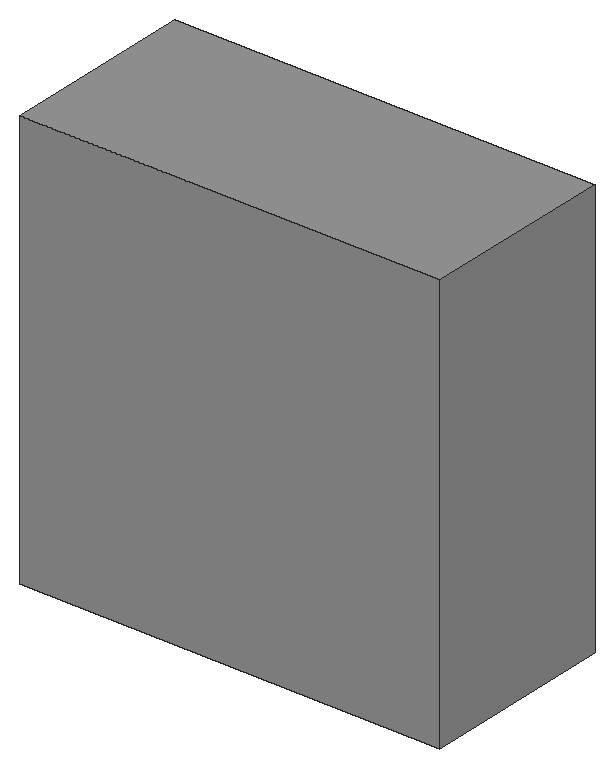
Revit family "BM_Bedienelemente_V1700", category Brandmelder, Revit 2017
Family settings
  Beschriftungsausrichtung beibehalten = Nein
  Bemaßung runder Anschluss = Durchmesser verwenden
  Teiletyp = Normal
  OmniClass-Nummer = 23.80.00.00
  OmniClass-Titel = Electric Power and Lighting
  Arbeitsebenenbasiert = Nein
  Immer vertikal = Ja
  Beim Laden mit Abzugskörper schneiden = Ja
  Gemeinsam genutzt = Nein
  Raumberechnungspunkt = Nein
Parameters (values of type "Uebertragungseinrichtung")
  Übertragungseinrichtung = yes
  pbr_Material_KZ = ""
  pbr_Material = none
  pbr_E_Typ = ""
  pbr_E_KZ = ""
  pbr_DINBild = 0
  pbr_Bild = 0
  pbr_3Dx_Delta_Korrekturversatz [instance] = 0 mm
  pbr_3DX_Versatzfaktor [instance] = 0
  pbr_2DY_Versatzfaktor [instance] = 0
  pbr_2DX_Versatzfaktor [instance] = 0
  lfd_STRK [instance] = 0
  Zentrale [instance] = ""
  Winkel [instance] = 90.00°
  Typ [instance] = ""
  Tiefe = 37 mm
  Text3 [instance] = ""
  Text2 [instance] = ""
  Text1 [instance] = ""
  Spannung [instance] = 0
  Scheinleistung [instance] = 0 VA
  Polig [instance] = 1
  Planungsbüro Osnabrück = "www.pbr.de"
  Paralleltableau = no
  Netzart = ""
  Nennstrom [instance] = 0
  Menge (Dosenzahl) [instance] = 1
  Länge = Breite  # 80 mm
  Loop [instance] = ""
  Linie/Anschluss [instance] = ""
  Leistungsfaktor [instance] = 0
  Lastklassifizierung = none
  Lageplantableau = no
  Installationsart = ""
  Info [instance] = ""
  Gewerk [instance] = "Brandmelder"
  Freischaltelement = no
  Feuerwehrschlüsseldepot = no
  Feuerwehrlaufkarten = no
  Feuerwehrinformationszentrale = no
  Feuerwehrbedienfeld = no
  Feuerwehranzeigetableau = no
  Feuerwehr-Einsatzklapptisch = no
  Feuerlöschanlage = no
  Eckversatz [instance] = 0 mm
  YFrontversatz [instance] = if(pbr_2DY_Versatzfaktor = 300, 0 mm, pbr_2DY_Versatzfaktor * 300 mm)  # 0 mm
  XSeitenversatz [instance] = if(pbr_2DX_Versatzfaktor = 0, 3000 mm, 3000 mm + (pbr_2DX_Versatzfaktor * 300 mm)) + Eckversatz  # 3000 mm
  X3Dversatz [instance] = if([3DX_Versatzkontrolle] = 0, 2000 mm, 2000 mm + ([3DX_Versatzkontrolle] * (300 mm - Breite))) + pbr_3Dx_Delta_Korrekturversatz  # 2000 mm
  Niveau [instance] = 1200 mm
  Bus [instance] = ""
  Breite = 80 mm
  Betriebsstrom ruhe [instance] = 0
  Betriebsstrom max [instance] = 0
  Anzeigetableau = no
  Abgesetztes Bedienfeld = no
  3DX_Versatzkontrolle [instance] = if(pbr_3DX_Versatzfaktor = 0, (pbr_2DX_Versatzfaktor * -1), (((-1 * pbr_3DX_Versatzfaktor) + pbr_2DX_Versatzfaktor) * -1))  # 0
Types (13, lengths in mm): name | Übertragungseinrichtung | Paralleltableau | Lageplantableau | Freischaltelement | Feuerwehrschlüsseldepot | Feuerwehrlaufkarten | Feuerwehrinformationszentrale | Feuerwehrbedienfeld | Feuerwehranzeigetableau | Feuerwehr-Einsatzklapptisch | Feuerlöschanlage | Anzeigetableau | Abgesetztes Bedienfeld
  Anzeigetableau | no | no | no | no | no | no | no | no | no | no | no | yes | no
  Abgesetztes_Bedienfeld | no | no | no | no | no | no | no | no | no | no | no | no | yes
  Feuerloeschanlage | no | no | no | no | no | no | no | no | no | no | yes | no | no
  Feuerwehranzeigetableau | no | no | no | no | no | no | no | no | yes | no | no | no | no
  Feuerwehrbedienfeld | no | no | no | no | no | no | no | yes | no | no | no | no | no
  Feuerwehr_Einsatzklapptisch | no | no | no | no | no | no | no | no | no | yes | no | no | no
  Feuerwehrinformationszentrale | no | no | no | no | no | no | yes | no | no | no | no | no | no
  Feuerwehrlaufkarten | no | no | no | no | no | yes | no | no | no | no | no | no | no
  Feuerwehrschluesseldepot | no | no | no | no | yes | no | no | no | no | no | no | no | no
  Freischaltelement | no | no | no | yes | no | no | no | no | no | no | no | no | no
  Lageplantableau | no | no | yes | no | no | no | no | no | no | no | no | no | no
  Paralleltableau | no | yes | no | no | no | no | no | no | no | no | no | no | no
  Uebertragungseinrichtung | yes | no | no | no | no | no | no | no | no | no | no | no | no
Reference planes
  plane 1 "Mitte (Vorne/Hinten)": y = 0
  plane 2: z = 0
  plane 3 "Mitte (Links/Rechts)": x = 22.5
  plane 4: x = -127.5
  plane 5: x = 172.5
  plane 6: y = 300
  plane 7 "Schalterhinten": y = 0
  plane 8: x = -2977.5
  plane 9: x = 22.5
  plane 10: x = -1977.5
  plane 11: x = -17.5
  plane 12: x = 62.5
  plane 13: z = 1240
  plane 14: z = 1160
  plane 15 "SchalterVorne": y = 37
  plane 16 "3DMitte": x = 22.5
  plane 17 "Achse": z = 1200
  plane 18: z = 1197.5
  plane 19: z = 1202.5
  plane 20 "2DMitte": y = 150
Forms (mm)
  Extrusion 1, solid, material "Stahl, weich, geschweißt"
    sketch origin (0, 20, 0) x (0, 0, 1) y (-1, 0, 0)
      loop
        line (1160, 17.5) -> (1160, -62.5) -> (1240, -62.5) -> (1240, 17.5) -> (1160, 17.5)
    from -17 to 20
Dimensions and locks
  locked: plane 6 to plane 7 "Schalterhinten" at 300
  "XSeitenversatz": plane 8 to plane 9
  plane 8 to plane 3 "Mitte (Links/Rechts)" = 3000 mm
  "YFrontversatz": plane 1 "Mitte (Vorne/Hinten)" to plane 7 "Schalterhinten"
  "Breite": plane 12 to plane 11
  "Länge": plane 13 to plane 14
  plane 9 to plane 10 = 2000 mm
  equal spacing: plane 12, plane 16 "3DMitte", plane 11
  "X3Dversatz": plane 16 "3DMitte" to plane 10
  equal spacing: plane 13, plane 17 "Achse", plane 14
  "Niveau": plane 17 "Achse" to level
  "Tiefe": plane 15 "SchalterVorne" to plane 1 "Mitte (Vorne/Hinten)"
  plane 13 to plane 18 = 42.5 mm
  plane 19 to plane 14 = 42.5 mm
  equal spacing: plane 4, plane 9, plane 5, locked at 150 each
  locked: plane 4 to plane 5 at 300
  equal spacing: plane 6, plane 20 "2DMitte", plane 7 "Schalterhinten", locked at 150 each
  aligned and locked: level to plane 2
  aligned and locked: Extrusion 1 sketch curve to plane 14
  aligned and locked: Extrusion 1 sketch curve to plane 11
  aligned and locked: Extrusion 1 sketch curve to plane 13
  aligned and locked: plane 12 to Extrusion 1 sketch curve
  aligned and locked: plane 1 "Mitte (Vorne/Hinten)" to Extrusion 1
  aligned and locked: Extrusion 1 to plane 15 "SchalterVorne"
  aligned and locked: nested 1 to plane 9
  aligned and locked: plane 7 "Schalterhinten" to nested 1
  aligned and locked: nested 2 to plane 9
  aligned and locked: plane 7 "Schalterhinten" to nested 2
  aligned and locked: nested 3 to plane 9
  aligned and locked: plane 7 "Schalterhinten" to nested 3
  aligned and locked: nested 4 to plane 9
  aligned and locked: plane 7 "Schalterhinten" to nested 4
  aligned and locked: nested 5 to plane 9
  aligned and locked: plane 7 "Schalterhinten" to nested 5
  aligned and locked: nested 6 to plane 9
  aligned and locked: plane 7 "Schalterhinten" to nested 6
  aligned and locked: nested 7 to plane 9
  aligned and locked: plane 7 "Schalterhinten" to nested 7
  aligned and locked: nested 8 to plane 9
  aligned and locked: plane 7 "Schalterhinten" to nested 8
  aligned and locked: nested 9 to plane 9
  aligned and locked: plane 7 "Schalterhinten" to nested 9
  aligned and locked: nested 10 to plane 9
  aligned and locked: plane 7 "Schalterhinten" to nested 10
  aligned and locked: nested 11 to plane 9
  aligned and locked: plane 7 "Schalterhinten" to nested 11
  aligned and locked: nested 12 to plane 9
  aligned and locked: plane 7 "Schalterhinten" to nested 12
  aligned and locked: nested 13 to plane 9
  aligned and locked: plane 7 "Schalterhinten" to nested 13
Nested families
  nested 1: "Anzeigetableau (BMA)" at (22.5, 360, 0), visible <- "Anzeigetableau", type "Brandmeldezentrale"
  nested 2: "Abgesetztes Bedienfeld (BMA)" at (22.5, 360, 0), visible <- "Abgesetztes Bedienfeld", type "Abgesetztes Bedienfeld"
  nested 3: "Feuerlöschanlage(BMA)" at (22.5, 360, 0), visible <- "Feuerlöschanlage", Winkel <- "Winkel", type "Brandmeldezentrale"
    with Winkel 90.00°
  nested 4: "Feuerwehranzeigetableau(BMA)" at (22.5, 360, 0), Winkel <- "Winkel", visible <- "Feuerwehranzeigetableau", type "Brandmelde Paralleltableau"
    with Winkel 90.00°
  nested 5: "Feuerwehrbedienfeld(BMA)" at (22.5, 360, 0), visible <- "Feuerwehrbedienfeld", Winkel <- "Winkel", type "Brandmelde Paralleltableau"
    with Winkel 90.00°
  nested 6: "Feuerwehr-Einsatzklapptisch (BMA)" at (22.5, 430.037, 0), visible <- "Feuerwehr-Einsatzklapptisch", Winkel <- "Winkel", type "Brandmeldezentrale"
    with Winkel 90.00°
  nested 7: "Feuerwehrinformationszentrale(BMA)" at (22.5, 360, 0), visible <- "Feuerwehrinformationszentrale", Winkel <- "Winkel", type "Feuerwehrinformationszentrale"
    with Winkel 90.00°
  nested 8: "Feuerwehrlaufkarten(BMA)" at (22.5, 360, 0), Winkel <- "Winkel", visible <- "Feuerwehrlaufkarten", type "Feuerwehrinformationszentrale"
    with Winkel 90.00°
  nested 9: "Feuerwehrschlüsseldepot(BMA)" at (22.5, 360, 0), visible <- "Feuerwehrschlüsseldepot", Winkel <- "Winkel", type "Brandmeldezentrale"
    with Winkel 90.00°
  nested 10: "Freischaltelement(BMA)" at (22.5, 360, 0), visible <- "Freischaltelement", Winkel <- "Winkel", type "Freischaltelement"
    with Winkel 90.00°
  nested 11: "Lageplantableau(BMA)" at (22.5, 360, 0), visible <- "Lageplantableau", Winkel <- "Winkel", type "Brandmelde Paralleltableau"
    with Winkel 90.00°
  nested 12: "Paralleltableau(BMA)" at (22.5, 360, 0), visible <- "Paralleltableau", type "Paralleltableau"
  nested 13: "Übertragungseinrichtung(BMA)" at (22.5, 360, 0), visible <- "Übertragungseinrichtung", Winkel <- "Winkel", type "Brandmelde Paralleltableau"
Connectors
  electrical at (22.5, 0, 1200)
    settings: on Extrusion 1, index 1, voltage 0 V, apparent load 0 VA, apparent load phase1 0 VA, apparent load phase2 0 VA, apparent load phase3 0 VA, power factor 1, load classification "Sonstige", number of poles 1, system type 11, power factor state 1, is connector primary yes, connector utility no, sub classification motor no, connector description ""
Definition of nested family "Anzeigetableau (BMA)"
  Parameters (values of type "Brandmeldezentrale")
    Rauchwarnzentrale = no
    Lageplantableau = no
    Feuerwehrbedienfeld = no
    Feststellzentrale = no
    Brandmeldezentrale = yes
    Brandmelde Paralleltableau = no
  Reference planes
    plane 1 "Mitte (Vorne/Hinten)": y = 0
    plane 2: z = 0
    plane 3 "Mitte (Links/Rechts)": x = 0
    plane 4: x = 0
    plane 5: y = 0
  Lines and regions (mm)
    detail lines, in view "Referenzebene"
      curve 1: circle (-115.654, -86.594, 0) r 49.821 normal (0, 0, 1)
      curve 2: circle (123.04, -86.594, 0) r 49.821 normal (0, 0, 1)
      curve 3: line (-150.883, -51.365, 0) -> (-80.426, -121.822, 0)
      curve 4: line (-150.883, -121.822, 0) -> (-80.426, -51.365, 0)
      curve 5: line (158.269, -51.365, 0) -> (87.812, -121.822, 0)
      curve 6: line (158.269, -121.822, 0) -> (87.812, -51.365, 0)
      curve 7: line (-325.74, -360, 0) -> (-325.74, 0, 0)
      curve 8: line (-325.74, 0, 0) -> (325.74, 0, 0)
      curve 9: line (325.74, 0, 0) -> (325.74, -360, 0)
      curve 10: line (325.74, -360, 0) -> (-325.74, -360, 0)
Definition of nested family "Abgesetztes Bedienfeld (BMA)"
  Reference planes
    plane 1 "Mitte (Vorne/Hinten)": y = 0
    plane 2: z = 0
    plane 3 "Mitte (Links/Rechts)": x = 0
    plane 4: x = 0
    plane 5: y = 0
  Lines and regions (mm)
    Filled region 1, type "Flächenfüllung Schwarz", in view "Referenzebene"
      outline origin (0, 0, 0) x (1, 0, 0) y (0, 1, 0)
        loop
          line (-159.995, -214.138) -> (-159.995, -312.624) -> (-60.187, -312.624) -> (-60.187, -214.138) -> (-159.995, -214.138)
        loop
          line (77.617, -214.138) -> (77.617, -312.624) -> (177.426, -312.624) -> (177.426, -214.138) -> (77.617, -214.138)
    detail lines, in view "Referenzebene"
      curve 1: circle (-115.654, -86.594, 0) r 49.821 normal (0, 0, 1)
      curve 2: circle (123.04, -86.594, 0) r 49.821 normal (0, 0, 1)
      curve 3: line (-150.883, -51.365, 0) -> (-80.426, -121.822, 0)
      curve 4: line (-150.883, -121.822, 0) -> (-80.426, -51.365, 0)
      curve 5: line (158.269, -51.365, 0) -> (87.812, -121.822, 0)
      curve 6: line (158.269, -121.822, 0) -> (87.812, -51.365, 0)
      curve 7: line (-325.74, -360, 0) -> (-325.74, 0, 0)
      curve 8: line (-325.74, 0, 0) -> (325.74, 0, 0)
      curve 9: line (325.74, 0, 0) -> (325.74, -360, 0)
      curve 10: line (325.74, -360, 0) -> (-325.74, -360, 0)
Definition of nested family "Feuerlöschanlage(BMA)"
  Parameters (values of type "Brandmeldezentrale")
    Winkel [instance] = 90.00°
    Rauchwarnzentrale = no
    Lageplantableau = no
    Feuerwehrbedienfeld = no
    Feststellzentrale = no
    Brandmeldezentrale = yes
    Brandmelde Paralleltableau = no
  Reference planes
    plane 1 "Mitte (Vorne/Hinten)": y = 0
    plane 2: z = 0
    plane 3 "Mitte (Links/Rechts)": x = 0
    plane 4: x = 0
    plane 5: y = 0
    plane 6: x = 0
    plane 7: y = 0
  Lines and regions (mm)
    detail lines, in view "Referenzebene"
      curve 1: line (-325.74, -360, 0) -> (-325.74, 0, 0)
      curve 2: line (-325.74, 0, 0) -> (325.74, 0, 0)
      curve 3: line (325.74, 0, 0) -> (325.74, -360, 0)
      curve 4: line (325.74, -360, 0) -> (-325.74, -360, 0)
  Dimensions and locks
    "Winkel": angle nested 1 to plane 3 "Mitte (Links/Rechts)"
    aligned and locked: plane 3 "Mitte (Links/Rechts)" to nested 1
  Automatic sketch dimensions
    plane 1 "Mitte (Vorne/Hinten)" to curve 1 = 0 mm
    curve 1 to plane 3 "Mitte (Links/Rechts)" = 325.74 mm
    plane 3 "Mitte (Links/Rechts)" to curve 3 = 325.74 mm
    plane 1 "Mitte (Vorne/Hinten)" to curve 1 = 360 mm
  Nested families
    nested 1: "text_Feuerlöschanlage" at (0, -180, 0), type "text_Feuerlöschanlage", in view "Referenzebene"
  Definition of nested family "text_Feuerlöschanlage"
    Parameters (values of type "text_Feuerlöschanlage")
      L = yes
      F = yes
      A = yes
    Reference planes
      plane 1 "Mitte (Vorne/Hinten)": y = 0
      plane 2: z = 0
      plane 3 "Mitte (Links/Rechts)": x = 0
      plane 4: y = 0
      plane 5: y = 88.109
      plane 6: x = 250
      plane 7: y = -89.276
      plane 8: x = -250
    Lines and regions (mm)
      Filled region 1, type "Beton", in view "Referenzebene", visible <- "F"
        outline origin (720.156, -686.052, 0) x (1, 0, 0) y (0, 1, 0)
          loop
            line (-970.156, 774.161) -> (-970.156, 596.776) -> (-946.823, 596.776) -> (-946.823, 677.435) -> (-863.459, 677.435) -> (-863.459, 698.281) -> (-946.823, 698.281) -> (-946.823, 753.281) -> (-850.61, 753.281) -> (-850.61, 774.161) -> (-970.156, 774.161)
      Filled region 2, type "Beton", in view "Referenzebene", visible <- "L"
        outline origin (238.676, -809.425, 0) x (1, 0, 0) y (0, 1, 0)
          loop
            line (-287.294, 897.548) -> (-310.704, 897.548) -> (-310.704, 720.163) -> (-199.97, 720.163) -> (-199.97, 741.132) -> (-287.294, 741.132) -> (-287.294, 897.548)
      Filled region 3, type "Beton", in view "Referenzebene", visible <- "A"
        outline origin (2145.987, -831.26, 0) x (1, 0, 0) y (0, 1, 0)
          loop
            line (-2062.062, 741.984) -> (-2037.236, 741.984) -> (-2017.672, 795.734) -> (-1943.408, 795.734) -> (-1922.592, 741.984) -> (-1895.987, 741.984) -> (-1968.721, 919.369) -> (-1993.721, 919.369) -> (-2062.062, 741.984)
          loop
            line (-2010.782, 814.665) -> (-1950.74, 814.665) -> (-1981.972, 900.476) -> (-2010.782, 814.665)
    Dimensions and locks
      equal spacing: plane 8, plane 3 "Mitte (Links/Rechts)", plane 6
      plane 5 to plane 4 = 88.109 mm
    Automatic sketch dimensions
      Filled region 1 sketch curve to plane 5 = 0 mm
      Filled region 1 sketch curve to plane 8 = 0 mm
      Filled region 1 sketch curve to plane 7 = 0 mm
      Filled region 1 sketch curve to Filled region 1 sketch curve = 23.332 mm
      plane 8 to Filled region 1 sketch curve = 23.332 mm
      plane 1 "Mitte (Vorne/Hinten)" to Filled region 1 sketch curve = 8.617 mm
      Filled region 1 sketch curve to Filled region 1 sketch curve = 83.365 mm
      Filled region 1 sketch curve to Filled region 1 sketch curve = 12.848 mm
      Filled region 1 sketch curve to plane 1 "Mitte (Vorne/Hinten)" = 12.229 mm
      Filled region 1 sketch curve to plane 5 = 20.88 mm
      plane 7 to Filled region 2 sketch curve = 0.014 mm
      Filled region 2 sketch curve to plane 3 "Mitte (Links/Rechts)" = 72.028 mm
      Filled region 2 sketch curve to Filled region 2 sketch curve = 23.411 mm
      plane 3 "Mitte (Links/Rechts)" to Filled region 2 sketch curve = 38.706 mm
      plane 7 to Filled region 2 sketch curve = 20.983 mm
      plane 5 to Filled region 2 sketch curve = 0.014 mm
      Filled region 3 sketch curve to plane 7 = 0 mm  (x2)
      Filled region 3 sketch curve to plane 5 = 0 mm
      Filled region 3 sketch curve to plane 6 = 0 mm
      Filled region 3 sketch curve to Filled region 3 sketch curve = 26.605 mm
      plane 6 to Filled region 3 sketch curve = 47.421 mm
      Filled region 3 sketch curve to Filled region 3 sketch curve = 7.331 mm
      plane 6 to Filled region 3 sketch curve = 72.733 mm
      Filled region 3 sketch curve to plane 5 = 18.893 mm
      Filled region 3 sketch curve to Filled region 3 sketch curve = 13.252 mm
      Filled region 3 sketch curve to Filled region 3 sketch curve = 11.748 mm
      plane 1 "Mitte (Vorne/Hinten)" to Filled region 3 sketch curve = 16.595 mm
      Filled region 3 sketch curve to Filled region 3 sketch curve = 60.042 mm
      Filled region 3 sketch curve to Filled region 3 sketch curve = 6.89 mm
      Filled region 3 sketch curve to Filled region 3 sketch curve = 19.563 mm
      Filled region 3 sketch curve to Filled region 3 sketch curve = 24.827 mm
      Filled region 3 sketch curve to Filled region 3 sketch curve = 18.931 mm
Definition of nested family "Feuerwehranzeigetableau(BMA)"
  Parameters (values of type "Brandmelde Paralleltableau")
    Winkel [instance] = 90.00°
  Reference planes
    plane 1 "Mitte (Vorne/Hinten)": y = 0
    plane 2: z = 0
    plane 3 "Mitte (Links/Rechts)": x = 0
    plane 4: x = 0
    plane 5: y = 0
    plane 6: x = 0
    plane 7: y = 0
  Lines and regions (mm)
    detail lines, in view "Referenzebene"
      curve 1: line (-325.74, -360, 0) -> (-325.74, 0, 0)
      curve 2: line (-325.74, 0, 0) -> (325.74, 0, 0)
      curve 3: line (325.74, 0, 0) -> (325.74, -360, 0)
      curve 4: line (325.74, -360, 0) -> (-325.74, -360, 0)
  Dimensions and locks
    "Winkel": angle nested 1 to plane 3 "Mitte (Links/Rechts)"
  Automatic sketch dimensions
    plane 1 "Mitte (Vorne/Hinten)" to curve 1 = 0 mm
    curve 1 to plane 3 "Mitte (Links/Rechts)" = 325.74 mm
    plane 3 "Mitte (Links/Rechts)" to curve 3 = 325.74 mm
    plane 1 "Mitte (Vorne/Hinten)" to curve 1 = 360 mm
  Nested families
    nested 1: "text_Feuerwehranzeigetableau" at (-0.171, -179.829, 0), type "text_Feuerwehranzeigetableau", in view "Referenzebene"
  Definition of nested family "text_Feuerwehranzeigetableau"
    Parameters (values of type "text_Feuerwehranzeigetableau")
      T = yes
      F = yes
      A = yes
    Reference planes
      plane 1 "Mitte (Vorne/Hinten)": y = 0
      plane 2: z = 0
      plane 3 "Mitte (Links/Rechts)": x = 0
    Lines and regions (mm)
      Filled region 1, type "Beton", in view "Referenzebene", visible <- "T"
        outline origin (-736.507, -681.585, 0) x (1, 0, 0) y (0, 1, 0)
          loop
            line (898.272, 593.085) -> (898.272, 749.803) -> (956.255, 749.803) -> (956.255, 770.47) -> (816.255, 770.47) -> (816.255, 749.803) -> (874.851, 749.803) -> (874.851, 593.085) -> (898.272, 593.085)
      Filled region 2, type "Beton", in view "Referenzebene", visible <- "A"
        outline origin (2427.246, -816.751, 0) x (1, 0, 0) y (0, 1, 0)
          loop
            line (-2517.814, 728.525) -> (-2492.987, 728.525) -> (-2473.424, 782.275) -> (-2399.16, 782.275) -> (-2378.344, 728.525) -> (-2351.739, 728.525) -> (-2424.472, 905.91) -> (-2449.472, 905.91) -> (-2517.814, 728.525)
          loop
            line (-2466.533, 801.206) -> (-2406.491, 801.206) -> (-2437.724, 887.018) -> (-2466.533, 801.206)
      Filled region 3, type "Beton", in view "Referenzebene", visible <- "F"
        outline origin (756.583, -756.804, 0) x (1, 0, 0) y (0, 1, 0)
          loop
            line (-975.988, 845.963) -> (-975.988, 668.578) -> (-952.656, 668.578) -> (-952.656, 749.237) -> (-869.292, 749.237) -> (-869.292, 770.083) -> (-952.656, 770.083) -> (-952.656, 825.083) -> (-856.443, 825.083) -> (-856.443, 845.963) -> (-975.988, 845.963)
Definition of nested family "Feuerwehrbedienfeld(BMA)"
  Parameters (values of type "Brandmelde Paralleltableau")
    Winkel [instance] = 90.00°
  Reference planes
    plane 1 "Mitte (Vorne/Hinten)": y = 0
    plane 2: z = 0
    plane 3 "Mitte (Links/Rechts)": x = 0
    plane 4: x = 0
    plane 5: y = 0
    plane 6: x = 0
    plane 7: y = 0
  Lines and regions (mm)
    detail lines, in view "Referenzebene"
      curve 1: line (-325.74, -360, 0) -> (-325.74, 0, 0)
      curve 2: line (-325.74, 0, 0) -> (325.74, 0, 0)
      curve 3: line (325.74, 0, 0) -> (325.74, -360, 0)
      curve 4: line (325.74, -360, 0) -> (-325.74, -360, 0)
  Dimensions and locks
    "Winkel": angle nested 1 to plane 3 "Mitte (Links/Rechts)"
  Automatic sketch dimensions
    plane 1 "Mitte (Vorne/Hinten)" to curve 1 = 0 mm
    curve 1 to plane 3 "Mitte (Links/Rechts)" = 325.74 mm
    plane 3 "Mitte (Links/Rechts)" to curve 3 = 325.74 mm
    plane 1 "Mitte (Vorne/Hinten)" to curve 1 = 360 mm
  Nested families
    nested 1: "text_Feuerwehrbedienfeld" at (0, -180, 0), type "text_Feuerwehrbedienfeld", in view "Referenzebene"
  Definition of nested family "text_Feuerwehrbedienfeld"
    Parameters (values of type "text_Feuerwehrbedienfeld")
      F = yes
      B = yes
    Reference planes
      plane 1 "Mitte (Vorne/Hinten)": y = 0
      plane 2: z = 0
      plane 3 "Mitte (Links/Rechts)": x = 0
    Lines and regions (mm)
      Filled region 1, type "Beton", in view "Referenzebene", visible <- "F"
        outline origin (1018.89, -1030.852, 0) x (1, 0, 0) y (0, 1, 0)
          loop
            line (-1238.295, 1120.011) -> (-1238.295, 942.626) -> (-1214.963, 942.626) -> (-1214.963, 1023.285) -> (-1131.598, 1023.285) -> (-1131.598, 1044.131) -> (-1214.963, 1044.131) -> (-1214.963, 1099.131) -> (-1118.75, 1099.131) -> (-1118.75, 1120.011) -> (-1238.295, 1120.011)
      Filled region 2, type "Beton", in view "Referenzebene", visible <- "F"
        outline origin (1340.071, -1030.852, 0) x (1, 0, 0) y (0, 1, 0)
          loop
            line (-1238.295, 1120.011) -> (-1238.295, 942.626) -> (-1214.963, 942.626) -> (-1214.963, 1023.285) -> (-1131.598, 1023.285) -> (-1131.598, 1044.131) -> (-1214.963, 1044.131) -> (-1214.963, 1099.131) -> (-1118.75, 1099.131) -> (-1118.75, 1120.011) -> (-1238.295, 1120.011)
      Filled region 3, type "Beton", in view "Referenzebene", visible <- "B"
        outline origin (1733.365, -733.889, 0) x (1, 0, 0) y (0, 1, 0)
          loop
            line (-1804.495, 645.663) -> (-1739.495, 645.663)
            spline (-1739.495, 645.663) -> (-1719.481, 646.642) -> (-1709.057, 648.473) -> (-1698.334, 651.981) -> (-1687.239, 658.681) -> (-1679.657, 667.118) -> (-1674.573, 676.663) -> (-1671.269, 687.908) -> (-1670.725, 701.395) -> (-1672.655, 711.409) -> (-1677.961, 722.327) -> (-1685.354, 730.514) -> (-1698.958, 738.282)
            line (-1698.958, 738.282) -> (-1703.935, 740.093)
            spline (-1703.935, 740.093) -> (-1688.966, 751.295) -> (-1684.082, 758.38) -> (-1680.525, 767.163) -> (-1679.148, 776.778) -> (-1679.869, 785.72) -> (-1683.228, 795.673) -> (-1687.771, 803.796) -> (-1693.534, 810.258) -> (-1701.362, 815.772) -> (-1710.445, 819.679) -> (-1720.573, 821.922) -> (-1739.495, 823.048)
            line (-1739.495, 823.048) -> (-1804.495, 823.048) -> (-1804.495, 645.663)
          loop
            line (-1780.997, 666.646) -> (-1739.495, 666.646)
            spline (-1739.495, 666.646) -> (-1720.721, 667.437) -> (-1711.166, 670.315) -> (-1703.768, 674.935) -> (-1698.407, 682.018) -> (-1695.218, 691.265) -> (-1694.962, 700.498) -> (-1697.246, 709.586) -> (-1702.376, 717.396) -> (-1709.327, 722.691) -> (-1719.026, 725.978) -> (-1727.792, 727.174) -> (-1739.495, 727.644)
            line (-1739.495, 727.644) -> (-1780.997, 727.644) -> (-1780.997, 666.646)
          loop
            line (-1781.047, 748.547) -> (-1733.766, 748.547)
            spline (-1733.766, 748.547) -> (-1719.146, 750.954) -> (-1712.397, 754.144) -> (-1706.827, 759.39) -> (-1703.271, 766.798) -> (-1702.196, 774.928) -> (-1703.038, 782.587) -> (-1706.157, 790.122) -> (-1710.882, 795.579) -> (-1717.913, 799.514) -> (-1724.974, 801.071) -> (-1733.53, 801.865) -> (-1749.734, 802.106)
            line (-1749.734, 802.106) -> (-1781.047, 802.106) -> (-1781.047, 748.547)
Definition of nested family "Feuerwehr-Einsatzklapptisch (BMA)"
  Parameters (values of type "Brandmeldezentrale")
    Winkel [instance] = 90.00°
    Rauchwarnzentrale = no
    Lageplantableau = no
    Feuerwehrbedienfeld = no
    Feststellzentrale = no
    Brandmeldezentrale = yes
    Brandmelde Paralleltableau = no
  Reference planes
    plane 1 "Mitte (Vorne/Hinten)": y = 0
    plane 2: z = 0
    plane 3 "Mitte (Links/Rechts)": x = 0
    plane 4: y = 0
    plane 5: y = 0
  Lines and regions (mm)
    detail lines, in view "Referenzebene"
      curve 1: line (-279.928, 0, 0) -> (-279.928, -104.568, 0)
      curve 2: line (-279.928, 0, 0) -> (-156.318, 0, 0)
      curve 3: line (280.072, 0, 0) -> (280.072, -104.568, 0)
      curve 4: line (280.072, 0, 0) -> (156.462, 0, 0)
      curve 5: line (-279.928, -430.037, 0) -> (-279.928, -325.469, 0)
      curve 6: line (-279.928, -430.037, 0) -> (-156.318, -430.037, 0)
      curve 7: line (280.072, -430.037, 0) -> (280.072, -325.469, 0)
      curve 8: line (280.072, -430.037, 0) -> (156.462, -430.037, 0)
      curve 9: line (-75.373, 0, 0) -> (81.017, 0, 0)
      curve 10: line (-68.92, -430.037, 0) -> (87.469, -430.037, 0)
      curve 11: line (-279.928, -159.253, 0) -> (-279.928, -269.704, 0)
      curve 12: line (280.072, -154.859, 0) -> (280.072, -265.31, 0)
  Dimensions and locks
    curve 1 to plane 3 "Mitte (Links/Rechts)" to curve 3 = 279.928 mm, 280.072 mm
    "Winkel": angle nested 1 to plane 3 "Mitte (Links/Rechts)"
  Automatic sketch dimensions
    plane 1 "Mitte (Vorne/Hinten)" to curve 2 = 0 mm
    plane 1 "Mitte (Vorne/Hinten)" to curve 9 = 0 mm
    plane 1 "Mitte (Vorne/Hinten)" to curve 4 = 0 mm
    curve 6 to plane 3 "Mitte (Links/Rechts)" = 279.928 mm
    plane 3 "Mitte (Links/Rechts)" to curve 7 = 280.072 mm
    plane 1 "Mitte (Vorne/Hinten)" to curve 5 = 430.037 mm
    plane 1 "Mitte (Vorne/Hinten)" to curve 8 = 430.037 mm
    curve 11 to curve 1 = 0 mm
    curve 1 to curve 2 = 123.61 mm
    curve 5 to curve 6 = 123.61 mm
    curve 9 to plane 3 "Mitte (Links/Rechts)" = 75.373 mm
    curve 10 to plane 3 "Mitte (Links/Rechts)" = 68.92 mm
    plane 3 "Mitte (Links/Rechts)" to curve 9 = 81.017 mm
    plane 3 "Mitte (Links/Rechts)" to curve 10 = 87.469 mm
    curve 10 to curve 8 = 68.992 mm
    curve 9 to curve 4 = 75.445 mm
    curve 12 to curve 3 = 0 mm
    plane 1 "Mitte (Vorne/Hinten)" to curve 1 = 104.568 mm
    plane 1 "Mitte (Vorne/Hinten)" to curve 3 = 104.568 mm
    curve 12 to curve 3 = 50.292 mm
    curve 11 to curve 1 = 54.686 mm
    curve 12 to curve 12 = 110.451 mm
    curve 11 to curve 11 = 110.451 mm
    curve 7 to curve 12 = 60.159 mm
    curve 5 to curve 11 = 55.765 mm
    curve 6 to curve 10 = 0 mm
  Nested families
    nested 1: "text_Feuerwehr-Einsatzklapptisch" at (0, -200, 0), type "text_Feuerwehr-Einsatzklapptisch", in view "Referenzebene"
  Definition of nested family "text_Feuerwehr-Einsatzklapptisch"
    Parameters (values of type "text_Feuerwehr-Einsatzklapptisch")
      T = yes
      K = yes
      F = yes
      E = yes
    Reference planes
      plane 1 "Mitte (Vorne/Hinten)": y = 0
      plane 2: z = 0
      plane 3 "Mitte (Links/Rechts)": x = 0
    Lines and regions (mm)
      Filled region 1, type "Beton", in view "Referenzebene", visible <- "T"
        outline origin (-756.801, -732.832, 0) x (1, 0, 0) y (0, 1, 0)
          loop
            line (975.824, 645.117) -> (975.824, 801.835) -> (1033.807, 801.835) -> (1033.807, 822.502) -> (893.807, 822.502) -> (893.807, 801.835) -> (952.403, 801.835) -> (952.403, 645.117) -> (975.824, 645.117)
      Filled region 2, type "Beton", in view "Referenzebene", visible <- "F"
        outline origin (961.21, -1030.342, 0) x (1, 0, 0) y (0, 1, 0)
          loop
            line (-1238.295, 1120.011) -> (-1238.295, 942.626) -> (-1214.963, 942.626) -> (-1214.963, 1023.285) -> (-1131.598, 1023.285) -> (-1131.598, 1044.131) -> (-1214.963, 1044.131) -> (-1214.963, 1099.131) -> (-1118.75, 1099.131) -> (-1118.75, 1120.011) -> (-1238.295, 1120.011)
      Filled region 3, type "Beton", in view "Referenzebene", visible <- "E"
        outline origin (1230.812, -743.961, 0) x (1, 0, 0) y (0, 1, 0)
          loop
            line (-1377.959, 833.552) -> (-1377.959, 656.167) -> (-1245.502, 656.167) -> (-1245.502, 677.116) -> (-1354.438, 677.116) -> (-1354.438, 737.552) -> (-1256.288, 737.552) -> (-1256.288, 758.317) -> (-1354.438, 758.317) -> (-1354.438, 812.689) -> (-1249.652, 812.689) -> (-1249.652, 833.552) -> (-1377.959, 833.552)
      Filled region 4, type "Beton", in view "Referenzebene", visible <- "K"
        outline origin (569.287, -761.135, 0) x (1, 0, 0) y (0, 1, 0)
          loop
            line (-573.102, 850.805) -> (-573.102, 673.42) -> (-549.872, 673.42) -> (-549.872, 733.928) -> (-520.593, 763.206) -> (-457.724, 673.42) -> (-426.629, 673.42) -> (-504.271, 778.968) -> (-429.882, 850.805) -> (-462.086, 850.805) -> (-549.872, 763.019) -> (-549.872, 850.805) -> (-573.102, 850.805)
Definition of nested family "Feuerwehrinformationszentrale(BMA)"
  Parameters (values of type "Feuerwehrinformationszentrale")
    Winkel [instance] = 90.00°
  Reference planes
    plane 1 "Mitte (Vorne/Hinten)": y = 0
    plane 2: z = 0
    plane 3 "Mitte (Links/Rechts)": x = 0
    plane 4: x = 0
    plane 5: y = 0
    plane 6: x = 0
    plane 7: y = 0
  Lines and regions (mm)
    detail lines, in view "Referenzebene"
      curve 1: line (-325.74, -360, 0) -> (-325.74, 0, 0)
      curve 2: line (-325.74, 0, 0) -> (325.74, 0, 0)
      curve 3: line (325.74, 0, 0) -> (325.74, -360, 0)
      curve 4: line (325.74, -360, 0) -> (-325.74, -360, 0)
  Dimensions and locks
    "Winkel": angle nested 1 to plane 3 "Mitte (Links/Rechts)"
  Automatic sketch dimensions
    plane 1 "Mitte (Vorne/Hinten)" to curve 1 = 0 mm
    curve 1 to plane 3 "Mitte (Links/Rechts)" = 325.74 mm
    plane 3 "Mitte (Links/Rechts)" to curve 3 = 325.74 mm
    plane 1 "Mitte (Vorne/Hinten)" to curve 1 = 360 mm
  Nested families
    nested 1: "text_Feuerwehrinformationszentrale" at (2.848, -177.848, 0), type "text_Feuerwehrinformationszentrale", in view "Referenzebene"
  Definition of nested family "text_Feuerwehrinformationszentrale"
    Parameters (values of type "text_Feuerwehrinformationszentrale")
      Z = yes
      I = yes
      F = yes
    Reference planes
      plane 1 "Mitte (Vorne/Hinten)": y = 0
      plane 2: z = 0
      plane 3 "Mitte (Links/Rechts)": x = 0
    Lines and regions (mm)
      Filled region 1, type "Beton", in view "Referenzebene", visible <- "F"
        outline origin (723.492, -727.44, 0) x (1, 0, 0) y (0, 1, 0)
          loop
            line (-942.897, 816.599) -> (-942.897, 639.214) -> (-919.565, 639.214) -> (-919.565, 719.873) -> (-836.201, 719.873) -> (-836.201, 740.719) -> (-919.565, 740.719) -> (-919.565, 795.719) -> (-823.352, 795.719) -> (-823.352, 816.599) -> (-942.897, 816.599)
      Filled region 2, type "Beton", in view "Referenzebene", visible <- "I"
        outline origin (695.436, -1030.852, 0) x (1, 0, 0) y (0, 1, 0)
          loop
            line (-695.436, 1120.011) -> (-718.732, 1120.011) -> (-718.732, 942.626) -> (-695.436, 942.626) -> (-695.436, 1120.011)
      Filled region 3, type "Beton", in view "Referenzebene", visible <- "Z"
        outline origin (-1984.63, -1030.545, 0) x (1, 0, 0) y (0, 1, 0)
          loop
            line (2073.449, 1120.011) -> (2073.449, 1099.19) -> (2173.479, 1099.19) -> (2063.348, 963.19) -> (2063.348, 942.626) -> (2203.348, 942.626) -> (2203.348, 963.19) -> (2090.349, 963.19) -> (2200.481, 1099.19) -> (2200.481, 1120.011) -> (2073.449, 1120.011)
Definition of nested family "Feuerwehrlaufkarten(BMA)"
  Parameters (values of type "Feuerwehrinformationszentrale")
    Winkel [instance] = 90.00°
  Reference planes
    plane 1 "Mitte (Vorne/Hinten)": y = 0
    plane 2: z = 0
    plane 3 "Mitte (Links/Rechts)": x = 0
    plane 4: x = 0
    plane 5: y = 0
    plane 6: x = 0
    plane 7: y = 0
  Lines and regions (mm)
    detail lines, in view "Referenzebene"
      curve 1: line (-325.74, -360, 0) -> (-325.74, 0, 0)
      curve 2: line (-325.74, 0, 0) -> (325.74, 0, 0)
      curve 3: line (325.74, 0, 0) -> (325.74, -360, 0)
      curve 4: line (325.74, -360, 0) -> (-325.74, -360, 0)
  Dimensions and locks
    "Winkel": angle nested 1 to plane 3 "Mitte (Links/Rechts)"
  Automatic sketch dimensions
    plane 1 "Mitte (Vorne/Hinten)" to curve 1 = 0 mm
    curve 1 to plane 3 "Mitte (Links/Rechts)" = 325.74 mm
    plane 3 "Mitte (Links/Rechts)" to curve 3 = 325.74 mm
    plane 1 "Mitte (Vorne/Hinten)" to curve 1 = 360 mm
  Nested families
    nested 1: "text_Feuerwehrlaufkarten" at (2.848, -180.696, 0), type "text_Feuerwehrlaufkarten", in view "Referenzebene"
  Definition of nested family "text_Feuerwehrlaufkarten"
    Parameters (values of type "text_Feuerwehrlaufkarten")
      L = yes
      K = yes
      F = yes
    Reference planes
      plane 1 "Mitte (Vorne/Hinten)": y = 0
      plane 2: z = 0
      plane 3 "Mitte (Links/Rechts)": x = 0
    Lines and regions (mm)
      Filled region 1, type "Beton", in view "Referenzebene", visible <- "F"
        outline origin (818.913, -750.661, 0) x (1, 0, 0) y (0, 1, 0)
          loop
            line (-1038.318, 839.821) -> (-1038.318, 662.436) -> (-1014.986, 662.436) -> (-1014.986, 743.095) -> (-931.621, 743.095) -> (-931.621, 763.941) -> (-1014.986, 763.941) -> (-1014.986, 818.941) -> (-918.772, 818.941) -> (-918.772, 839.821) -> (-1038.318, 839.821)
      Filled region 2, type "Beton", in view "Referenzebene", visible <- "L"
        outline origin (-68.991, -728.83, 0) x (1, 0, 0) y (0, 1, 0)
          loop
            line (30.569, 818.003) -> (7.159, 818.003) -> (7.159, 640.618) -> (117.893, 640.618) -> (117.893, 661.588) -> (30.569, 661.588) -> (30.569, 818.003)
      Filled region 3, type "Beton", in view "Referenzebene", visible <- "K"
        outline origin (925.511, -782.672, 0) x (1, 0, 0) y (0, 1, 0)
          loop
            line (-821.584, 871.832) -> (-821.584, 694.447) -> (-798.353, 694.447) -> (-798.353, 754.955) -> (-769.075, 784.233) -> (-706.205, 694.447) -> (-675.11, 694.447) -> (-752.752, 799.996) -> (-678.364, 871.832) -> (-710.567, 871.832) -> (-798.353, 784.046) -> (-798.353, 871.832) -> (-821.584, 871.832)
Definition of nested family "Feuerwehrschlüsseldepot(BMA)"
  Parameters (values of type "Brandmeldezentrale")
    Winkel [instance] = 90.00°
    Rauchwarnzentrale = no
    Lageplantableau = no
    Feuerwehrbedienfeld = no
    Feststellzentrale = no
    Brandmeldezentrale = yes
    Brandmelde Paralleltableau = no
  Reference planes
    plane 1 "Mitte (Vorne/Hinten)": y = 0
    plane 2: z = 0
    plane 3 "Mitte (Links/Rechts)": x = 0
    plane 4: x = 0
    plane 5: y = 0
    plane 6: x = 0
    plane 7: y = 0
  Lines and regions (mm)
    detail lines, in view "Referenzebene"
      curve 1: line (-325.74, -360, 0) -> (-325.74, 0, 0)
      curve 2: line (-325.74, 0, 0) -> (325.74, 0, 0)
      curve 3: line (325.74, 0, 0) -> (325.74, -360, 0)
      curve 4: line (325.74, -360, 0) -> (-325.74, -360, 0)
  Dimensions and locks
    "Winkel": angle nested 1 to plane 3 "Mitte (Links/Rechts)"
  Automatic sketch dimensions
    plane 1 "Mitte (Vorne/Hinten)" to curve 1 = 0 mm
    curve 1 to plane 3 "Mitte (Links/Rechts)" = 325.74 mm
    plane 3 "Mitte (Links/Rechts)" to curve 3 = 325.74 mm
    plane 1 "Mitte (Vorne/Hinten)" to curve 1 = 360 mm
  Nested families
    nested 1: "text_Feuerwehrschlüsseldepot" at (0, -170, 0), type "text_Feuerwehrschlüsseldepot", in view "Referenzebene"
  Definition of nested family "text_Feuerwehrschlüsseldepot"
    Parameters (values of type "text_Feuerwehrschlüsseldepot")
      S = yes
      F = yes
      D = yes
    Reference planes
      plane 1 "Mitte (Vorne/Hinten)": y = 0
      plane 2: z = 0
      plane 3 "Mitte (Links/Rechts)": x = 0
    Lines and regions (mm)
      Filled region 1, type "rot", in view "Referenzebene", visible <- "F"
        outline origin (736.888, -699.154, 0) x (1, 0, 0) y (0, 1, 0)
          loop
            line (-1013.365, 788.323) -> (-1013.365, 610.938) -> (-990.033, 610.938) -> (-990.033, 691.597) -> (-906.668, 691.597) -> (-906.668, 712.443) -> (-990.033, 712.443) -> (-990.033, 767.443) -> (-893.82, 767.443) -> (-893.82, 788.323) -> (-1013.365, 788.323)
      Filled region 2, type "rot", in view "Referenzebene", visible <- "S"
        outline origin (-1303.689, -692.708, 0) x (1, 0, 0) y (0, 1, 0)
          loop
            line (1260.084, 735.19) -> (1282.34, 736.87)
            spline (1282.34, 736.87) -> (1264.31, 775.263) -> (1229.645, 788.688) -> (1190.769, 785.45) -> (1160.793, 764.183) -> (1156.902, 727.066) -> (1181.331, 701.401) -> (1220.333, 689.622) -> (1255.628, 676.728) -> (1260.916, 643.122) -> (1227.574, 627.687) -> (1190.063, 634.604) -> (1168.852, 668.343)
            line (1168.852, 668.343) -> (1146.612, 666.397)
            spline (1146.612, 666.397) -> (1164.15, 625.5) -> (1197.517, 608.69) -> (1236.872, 607.306) -> (1271.098, 622.537) -> (1287.858, 656.473) -> (1275.036, 691.084) -> (1241.689, 708.13) -> (1201.265, 718.611) -> (1176.13, 740.867) -> (1198.933, 767.351) -> (1237.549, 766.195) -> (1260.084, 735.19)
      Filled region 3, type "rot", in view "Referenzebene", visible <- "D"
        outline origin (1947.912, -835.44, 0) x (1, 0, 0) y (0, 1, 0)
          loop
            line (-1946.166, 923.615) -> (-1946.166, 746.23) -> (-1881.29, 746.23)
            spline (-1881.29, 746.23) -> (-1852.752, 749.471) -> (-1832.64, 758.06) -> (-1817.43, 772.794) -> (-1807.023, 791.885) -> (-1801.209, 813.503) -> (-1799.512, 834.698) -> (-1800.808, 855.678) -> (-1806.209, 877.488) -> (-1817.114, 897.627) -> (-1832.335, 912.124) -> (-1852.039, 920.758) -> (-1877.797, 923.615)
            line (-1877.797, 923.615) -> (-1946.166, 923.615)
          loop
            line (-1922.731, 767.289) -> (-1880.272, 767.289)
            spline (-1880.272, 767.289) -> (-1873.681, 767.632) -> (-1868.638, 768.102) -> (-1864.816, 768.646) -> (-1861.89, 769.209) -> (-1859.54, 769.757) -> (-1857.475, 770.356) -> (-1855.412, 771.102) -> (-1853.069, 772.093) -> (-1850.186, 773.425) -> (-1846.846, 775.221) -> (-1843.415, 777.619) -> (-1840.267, 780.76)
            spline (-1840.267, 780.76) -> (-1829.875, 797.778) -> (-1826.115, 809.858) -> (-1824.041, 823.022) -> (-1823.388, 836.401) -> (-1823.758, 847.677) -> (-1826.1, 862.449) -> (-1829.716, 873.357) -> (-1836.575, 884.681) -> (-1845.397, 893.679) -> (-1856.318, 899.584) -> (-1869.46, 902.07) -> (-1882.731, 902.684)
            line (-1882.731, 902.684) -> (-1922.731, 902.684) -> (-1922.731, 767.289)
      detail lines, in view "Referenzebene"
        curve 1: arc (183.62, 63.134, 0) -> (184.477, 56.071, 0) -> (186.996, 49.418, 0) r 29.553
        curve 2: arc (186.996, 49.418, 0) -> (191.516, 42.629, 0) -> (197.35, 36.93, 0) r 38.982
        curve 3: arc (197.35, 36.93, 0) -> (205.078, 31.857, 0) -> (213.577, 28.218, 0) r 52.521
        curve 4: arc (213.577, 28.218, 0) -> (221.934, 26.339, 0) -> (230.495, 26.076, 0) r 45.026
        curve 5: arc (230.495, 26.076, 0) -> (239.81, 26.814, 0) -> (248.891, 29.011, 0) r 59.113
        curve 6: arc (248.891, 29.011, 0) -> (256.616, 32.319, 0) -> (263.641, 36.93, 0) r 47.738
        curve 7: arc (263.641, 36.93, 0) -> (269.475, 42.629, 0) -> (273.995, 49.418, 0) r 38.982
        curve 8: arc (273.995, 49.418, 0) -> (276.514, 56.071, 0) -> (277.37, 63.134, 0) r 29.553
        curve 9: arc (277.37, 63.134, 0) -> (276.514, 70.196, 0) -> (273.995, 76.849, 0) r 29.553
        curve 10: arc (273.995, 76.849, 0) -> (269.475, 83.638, 0) -> (263.641, 89.338, 0) r 38.982
        curve 11: arc (263.641, 89.338, 0) -> (256.616, 93.949, 0) -> (248.891, 97.256, 0) r 47.738
        curve 12: arc (248.891, 97.256, 0) -> (239.81, 99.453, 0) -> (230.495, 100.192, 0) r 59.113
        curve 13: arc (230.495, 100.192, 0) -> (221.181, 99.453, 0) -> (212.099, 97.256, 0) r 59.113
        curve 14: arc (212.099, 97.256, 0) -> (204.375, 93.949, 0) -> (197.35, 89.338, 0) r 47.738
        curve 15: arc (197.35, 89.338, 0) -> (191.516, 83.638, 0) -> (186.996, 76.849, 0) r 38.982
        curve 16: arc (186.996, 76.849, 0) -> (184.477, 70.196, 0) -> (183.62, 63.134, 0) r 29.553
        curve 17: line (230.495, 26.076, 0) -> (230.495, -89.21, 0)
        curve 18: line (230.495, -89.21, 0) -> (277.37, -89.21, 0)
        curve 19: line (277.37, -89.21, 0) -> (277.37, -54.054, 0)
        curve 20: line (277.37, -54.054, 0) -> (230.495, -54.054, 0)
    Dimensions and locks
      plane 3 "Mitte (Links/Rechts)" to curve 19 = 277.37 mm
Definition of nested family "Freischaltelement(BMA)"
  Parameters (values of type "Freischaltelement")
    Winkel [instance] = 90.00°
  Reference planes
    plane 1 "Mitte (Vorne/Hinten)": y = 0
    plane 2: z = 0
    plane 3 "Mitte (Links/Rechts)": x = 0
    plane 4: x = 0
    plane 5: y = 0
    plane 6: x = 0
    plane 7: y = 0
  Lines and regions (mm)
    detail lines, in view "Referenzebene"
      curve 1: line (-325.74, -360, 0) -> (-325.74, 0, 0)
      curve 2: line (-325.74, 0, 0) -> (325.74, 0, 0)
      curve 3: line (325.74, 0, 0) -> (325.74, -360, 0)
      curve 4: line (325.74, -360, 0) -> (-325.74, -360, 0)
  Dimensions and locks
    "Winkel": angle nested 1 to plane 3 "Mitte (Links/Rechts)"
  Automatic sketch dimensions
    plane 1 "Mitte (Vorne/Hinten)" to curve 1 = 0 mm
    curve 1 to plane 3 "Mitte (Links/Rechts)" = 325.74 mm
    plane 3 "Mitte (Links/Rechts)" to curve 3 = 325.74 mm
    plane 1 "Mitte (Vorne/Hinten)" to curve 1 = 360 mm
  Nested families
    nested 1: "text_Freischaltelement" at (-7.743, -172.257, 0), type "text_Freischaltelement", in view "Referenzebene"
  Definition of nested family "text_Freischaltelement"
    Parameters (values of type "text_Freischaltelement")
      S = yes
      F = yes
      E = yes
    Reference planes
      plane 1 "Mitte (Vorne/Hinten)": y = 0
      plane 2: z = 0
      plane 3 "Mitte (Links/Rechts)": x = 0
    Lines and regions (mm)
      Filled region 1, type "rot", in view "Referenzebene", visible <- "F"
        outline origin (1018.89, -1030.852, 0) x (1, 0, 0) y (0, 1, 0)
          loop
            line (-1238.295, 1120.011) -> (-1238.295, 942.626) -> (-1214.963, 942.626) -> (-1214.963, 1023.285) -> (-1131.598, 1023.285) -> (-1131.598, 1044.131) -> (-1214.963, 1044.131) -> (-1214.963, 1099.131) -> (-1118.75, 1099.131) -> (-1118.75, 1120.011) -> (-1238.295, 1120.011)
      Filled region 2, type "rot", in view "Referenzebene", visible <- "E"
        outline origin (1504.081, -1030.93, 0) x (1, 0, 0) y (0, 1, 0)
          loop
            line (-1402.305, 1120.011) -> (-1402.305, 942.626) -> (-1269.848, 942.626) -> (-1269.848, 963.574) -> (-1378.784, 963.574) -> (-1378.784, 1024.011) -> (-1280.634, 1024.011) -> (-1280.634, 1044.776) -> (-1378.784, 1044.776) -> (-1378.784, 1099.148) -> (-1273.998, 1099.148) -> (-1273.998, 1120.011) -> (-1402.305, 1120.011)
      Filled region 3, type "rot", in view "Referenzebene", visible <- "S"
        outline origin (-943.395, -1025.936, 0) x (1, 0, 0) y (0, 1, 0)
          loop
            line (972.221, 1068.432) -> (994.477, 1070.112)
            spline (994.477, 1070.112) -> (976.447, 1108.505) -> (941.781, 1121.93) -> (902.906, 1118.692) -> (872.929, 1097.425) -> (869.039, 1060.307) -> (893.468, 1034.642) -> (932.469, 1022.864) -> (967.765, 1009.97) -> (973.053, 976.363) -> (939.711, 960.929) -> (902.2, 967.846) -> (880.988, 1001.585)
            line (880.988, 1001.585) -> (858.749, 999.639)
            spline (858.749, 999.639) -> (876.287, 958.742) -> (909.654, 941.932) -> (949.009, 940.548) -> (983.234, 955.778) -> (999.995, 989.715) -> (987.173, 1024.325) -> (953.826, 1041.372) -> (913.402, 1051.853) -> (888.267, 1074.109) -> (911.07, 1100.593) -> (949.686, 1099.437) -> (972.221, 1068.432)
Definition of nested family "Lageplantableau(BMA)"
  Parameters (values of type "Brandmelde Paralleltableau")
    Winkel [instance] = 90.00°
  Reference planes
    plane 1 "Mitte (Vorne/Hinten)": y = 0
    plane 2: z = 0
    plane 3 "Mitte (Links/Rechts)": x = 0
    plane 4: x = 0
    plane 5: y = 0
    plane 6: x = 0
    plane 7: y = 0
  Lines and regions (mm)
    detail lines, in view "Referenzebene"
      curve 1: line (-325.74, -360, 0) -> (-325.74, 0, 0)
      curve 2: line (-325.74, 0, 0) -> (325.74, 0, 0)
      curve 3: line (325.74, 0, 0) -> (325.74, -360, 0)
      curve 4: line (325.74, -360, 0) -> (-325.74, -360, 0)
  Dimensions and locks
    "Winkel": angle nested 1 to plane 3 "Mitte (Links/Rechts)"
  Automatic sketch dimensions
    plane 1 "Mitte (Vorne/Hinten)" to curve 1 = 0 mm
    curve 1 to plane 3 "Mitte (Links/Rechts)" = 325.74 mm
    plane 3 "Mitte (Links/Rechts)" to curve 3 = 325.74 mm
    plane 1 "Mitte (Vorne/Hinten)" to curve 1 = 360 mm
  Nested families
    nested 1: "text_Lageplantableau" at (2.848, -182.848, 0), type "text_Lageplantableau", in view "Referenzebene"
  Definition of nested family "text_Lageplantableau"
    Parameters (values of type "text_Lageplantableau")
      T = yes
      P = yes
      L = yes
    Reference planes
      plane 1 "Mitte (Vorne/Hinten)": y = 0
      plane 2: z = 0
      plane 3 "Mitte (Links/Rechts)": x = 0
    Lines and regions (mm)
      Filled region 1, type "Beton", in view "Referenzebene", visible <- "L"
        outline origin (170.352, -1030.852, 0) x (1, 0, 0) y (0, 1, 0)
          loop
            line (-348.774, 1120.011) -> (-372.184, 1120.011) -> (-372.184, 942.626) -> (-261.45, 942.626) -> (-261.45, 963.596) -> (-348.774, 963.596) -> (-348.774, 1120.011)
      Filled region 2, type "Beton", in view "Referenzebene", visible <- "P"
        outline origin (-402.997, -1030.934, 0) x (1, 0, 0) y (0, 1, 0)
          loop
            line (336.086, 1120.011) -> (336.086, 942.626) -> (359.695, 942.626) -> (359.695, 1014.897) -> (419.695, 1014.897)
            arc (419.695, 1014.897) -> (472.252, 1067.454) -> (419.695, 1120.011) r 52.557
            line (419.695, 1120.011) -> (336.086, 1120.011)
          loop
            line (359.622, 1099.151) -> (359.622, 1035.643) -> (414.622, 1035.643)
            arc (414.622, 1035.643) -> (446.376, 1067.397) -> (414.622, 1099.151) r 31.754
            line (414.622, 1099.151) -> (359.622, 1099.151)
      Filled region 3, type "Beton", in view "Referenzebene", visible <- "T"
        outline origin (-936.769, -1031.127, 0) x (1, 0, 0) y (0, 1, 0)
          loop
            line (1098.534, 942.626) -> (1098.534, 1099.344) -> (1156.517, 1099.344) -> (1156.517, 1120.011) -> (1016.517, 1120.011) -> (1016.517, 1099.344) -> (1075.113, 1099.344) -> (1075.113, 942.626) -> (1098.534, 942.626)
Definition of nested family "Paralleltableau(BMA)"
  Reference planes
    plane 1 "Mitte (Vorne/Hinten)": y = 0
    plane 2: z = 0
    plane 3 "Mitte (Links/Rechts)": x = 0
    plane 4: x = 0
    plane 5: y = 0
    plane 6: x = 0
    plane 7: y = 0
  Lines and regions (mm)
    detail lines, in view "Referenzebene"
      curve 1: line (-325.74, -360, 0) -> (-325.74, 0, 0)
      curve 2: line (-325.74, 0, 0) -> (325.74, 0, 0)
      curve 3: line (325.74, 0, 0) -> (325.74, -360, 0)
      curve 4: line (325.74, -360, 0) -> (-325.74, -360, 0)
      curve 5: circle (-159.478, -172.706, 0) r 99.642 normal (0, 0, 1)
      curve 6: circle (166.324, -173.053, 0) r 99.642 normal (0, 0, 1)
      curve 7: line (-229.935, -102.249, 0) -> (-89.02, -243.164, 0)
      curve 8: line (-229.935, -243.164, 0) -> (-89.02, -102.249, 0)
      curve 9: line (236.782, -102.595, 0) -> (95.867, -243.51, 0)
      curve 10: line (236.782, -243.51, 0) -> (95.867, -102.595, 0)
      curve 11: line (-59.836, -172.706, 0) -> (66.683, -172.706, 0)
Definition of nested family "Übertragungseinrichtung(BMA)"
  Parameters (values of type "Brandmelde Paralleltableau")
    Winkel [instance] = 90.00°
  Reference planes
    plane 1 "Mitte (Vorne/Hinten)": y = 0
    plane 2: z = 0
    plane 3 "Mitte (Links/Rechts)": x = 0
    plane 4: x = 0
    plane 5: y = 0
    plane 6: x = 0
    plane 7: y = 0
  Lines and regions (mm)
    detail lines, in view "Referenzebene"
      curve 1: line (-325.74, -360, 0) -> (-325.74, 0, 0)
      curve 2: line (-325.74, 0, 0) -> (325.74, 0, 0)
      curve 3: line (325.74, 0, 0) -> (325.74, -360, 0)
      curve 4: line (325.74, -360, 0) -> (-325.74, -360, 0)
  Dimensions and locks
    "Winkel": angle nested 1 to plane 3 "Mitte (Links/Rechts)"
  Automatic sketch dimensions
    plane 1 "Mitte (Vorne/Hinten)" to curve 1 = 0 mm
    curve 1 to plane 3 "Mitte (Links/Rechts)" = 325.74 mm
    plane 3 "Mitte (Links/Rechts)" to curve 3 = 325.74 mm
    plane 1 "Mitte (Vorne/Hinten)" to curve 1 = 360 mm
  Nested families
    nested 1: "text_Übertragungseinrichtung" at (0, -180, 0), type "text_Übertragungseinrichtung", in view "Referenzebene"
  Definition of nested family "text_Übertragungseinrichtung"
    Parameters (values of type "text_Übertragungseinrichtung")
      U = yes
      E = yes
    Reference planes
      plane 1 "Mitte (Vorne/Hinten)": y = 0
      plane 2: z = 0
      plane 3 "Mitte (Links/Rechts)": x = 0
    Lines and regions (mm)
      Filled region 1, type "Flächenfüllung Schwarz", in view "Referenzebene"
        outline origin (5.193, 152.789, 0) x (1, 0, 0) y (0, 1, 0)
          loop
            line (-139.114, -45.235) -> (-139.114, -65.235) -> (-119.114, -65.235) -> (-119.114, -45.235) -> (-139.114, -45.235)
          loop
            line (-86.995, -45.235) -> (-86.995, -65.235) -> (-66.995, -65.235) -> (-66.995, -45.235) -> (-86.995, -45.235)
      Filled region 2, type "Beton", in view "Referenzebene", visible <- "U"
        outline origin (-1768.788, -762.345, 0) x (1, 0, 0) y (0, 1, 0)
          loop
            line (1601.497, 832.519) -> (1601.497, 729.192)
            spline (1601.497, 729.192) -> (1604.764, 697.303) -> (1610.532, 681.742) -> (1621.862, 666.875) -> (1636.876, 657.771) -> (1653.916, 653.466) -> (1672.574, 652.292) -> (1692.458, 654.038) -> (1708.033, 659.237) -> (1723.399, 669.806) -> (1733.715, 684.292) -> (1739.082, 702.335) -> (1741.497, 729.192)
            line (1741.497, 729.192) -> (1741.497, 832.519) -> (1717.75, 832.519) -> (1717.75, 734.122)
            spline (1717.75, 734.122) -> (1716.573, 707.898) -> (1713.036, 695) -> (1706.903, 684.778) -> (1698.137, 678.375) -> (1686.162, 674.264) -> (1673.552, 672.638) -> (1662.651, 673.235) -> (1650.56, 676.028) -> (1640.168, 681.465) -> (1631.72, 690.607) -> (1627.277, 701.169) -> (1624.959, 716.029)
            line (1624.959, 716.029) -> (1624.959, 832.519) -> (1601.497, 832.519)
      Filled region 3, type "Beton", in view "Referenzebene", visible <- "E"
        outline origin (1440.014, -1049.916, 0) x (1, 0, 0) y (0, 1, 0)
          loop
            line (-1402.305, 1120.011) -> (-1402.305, 942.626) -> (-1269.848, 942.626) -> (-1269.848, 963.574) -> (-1378.784, 963.574) -> (-1378.784, 1024.011) -> (-1280.634, 1024.011) -> (-1280.634, 1044.776) -> (-1378.784, 1044.776) -> (-1378.784, 1099.148) -> (-1273.998, 1099.148) -> (-1273.998, 1120.011) -> (-1402.305, 1120.011)
    Dimensions and locks
      locked: Filled region 1 to plane 1 "Mitte (Vorne/Hinten)" at 107.554
